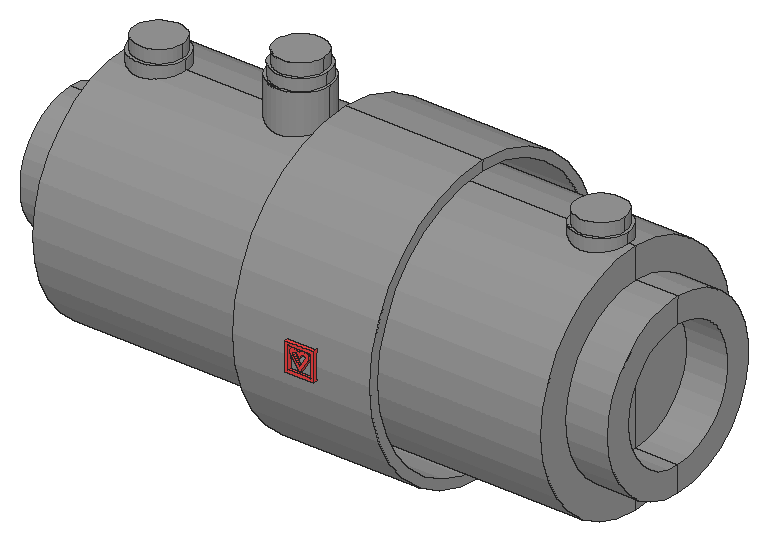
Revit family "Systemtrenner 0307 AG-IG", category Rohrzubehör, Revit 2018
Family settings
  Bemaßung runder Anschluss = Durchmesser verwenden
  Teiletyp = Unterbricht
  OmniClass-Nummer = 23.65.55.14
  OmniClass-Titel = Valves for Liquid Services
  Arbeitsebenenbasiert = Nein
  Immer vertikal = Ja
  Beim Laden mit Abzugskörper schneiden = Nein
  Gemeinsam genutzt = Nein
Parameters (values of type "AG-IG DN40-DN40")
  URL = "www.herz-armaturen.at"
  SCTWSEQ = "AW;SBT_TYP_AW=\"104\";2"
  SCTWCODE = "04;12;02"  # constant formula
  S03 = 15.000 mm  # constant formula
  S02 = 45.000 mm  # constant formula
  S01 = 98.000 mm  # constant formula
  Nennweite Ein [instance] = if(AG_IG_DN40_DN40, 40.000 mm, if(AG_IG_DN40_DN50, 40.000 mm, if(AG_IG_DN50_DN40, 50.000 mm, if(AG_IG_DN50_DN50, 50.000 mm, 0.000 mm))))  # 40.000 mm
  Nennweite Aus [instance] = if(AG_IG_DN40_DN40, 40.000 mm, if(AG_IG_DN40_DN50, 50.000 mm, if(AG_IG_DN50_DN40, 40.000 mm, if(AG_IG_DN50_DN50, 50.000 mm, 0.000 mm))))  # 40.000 mm
  Medium = "Wasser (ohne Dampf)"
  Max. Betriebstemperatur (Kurzzeitig) = 80 °C  # constant formula
  Max. Betriebstemperatur = 65 °C  # constant formula
  Max. Betriebsdruck = 1000000.0 Pa  # constant formula
  L07 = 24.500 mm  # constant formula
  L06 = 73.000 mm  # constant formula
  L05 = 28.000 mm  # constant formula
  L04 = 13.500 mm  # constant formula
  L03 = 87.500 mm  # constant formula
  L02 = 18.000 mm  # constant formula
  L01 = 193.000 mm  # constant formula
  Hinweis = "Gemäß Art 33 der REACH-Verordnung (EG Nr. 1907/2006) sind wir verpflichtet, darauf hinzuweisen, dass der Stoff Blei auf der SVHC-Liste geführt wird und dass alle aus Messing bestehenden Bauteile, die in unseren Erzeugnissen verarbeitet sind, mehr als 0,1 % (w/w) Blei (CAS: 7439-92-1 / EINECS: 231-100-4) enthalten.\r\nDa Blei als Legierungsbestandteil fest gebunden ist, sind keine Expositionen zu erwarten und daher sind keine zusätzlichen Angaben zur sicheren Verwendung notwendig."
  Hersteller = "HERZ Armaturen Ges.m.b.H."  # constant formula
  Gehäuse = "Edelstahl"  # constant formula
  Einbaulage = "waagrecht oder senkrecht nach unten zeigend"  # constant formula
  D03 [instance] = if(AG_IG_DN40_DN40, 28.000 mm, if(AG_IG_DN40_DN50, 33.000 mm, if(AG_IG_DN50_DN40, 28.000 mm, if(AG_IG_DN50_DN50, 33.000 mm, 0.000 mm))))  # 28.000 mm
  D02 = 45.000 mm  # constant formula
  D01 = 37.500 mm  # constant formula
  Bestellnummer [instance] = if(AG_IG_DN40_DN40, "I030704", if(AG_IG_DN40_DN50, "I030712", if(AG_IG_DN50_DN40, "I030716", if(AG_IG_DN50_DN50, "I030708", "0"))))  # "I030704"
  Ausführung = "Der Systemtrenner wurde nach der Norm DIN EN 1717 entwickelt.\r\nLaut dieser Norm ist die Wasserqualität je nach Grad der Verschmutzung in 5 Klassen eingeteilt.\r\nDer Systemtrenner Typ BA erlaubt eine Absicherung gegen Nichttrinkwasser bis zur Gefahrenklasse 4, der höchsten Gefahrenklasse, die mit einer Armatur abgesichert werden kann.\r\nEine niedrigere Absicherung eines Standrohres als mit einem Systemtrenner BA nach DIN EN 1717 entspricht nicht mehr dem Stand der Technik und führt damit bei einem Schadensfall zur Haftpflicht des Betreibers eines solchen Standrohres.\r\nDie Funktionseinheit ist als einteilige Kartusche mit groß bemessenem Steuerkolben und druckstoßgedämpftem Ablassventilsystem ausgebildet.\r\nGewindeanschlüsse sind untereinander austauschbar, wodurch 16 mögliche Anschlussvarianten (Eingangs- und Ausgangsseite erhältlich in 1 1/2” Innen- oder Außengewinde alternativ in 2” Innen- oder Außengewinde)."
  Anwendung = "Der Systemtrenner ist eine kostengünstige Lösung zum Nachrüsten von Standrohren mit der nach DIN EN 1717 zwingend vorgeschriebenen Sicherungsarmatur gegen Rücksaugen, Rückfließen oder Rückdrücken von Nichttrinkwasser in die Trinkwasserleitung.\r\nDer Systemtrenner ist für den waagerechten Einbau geeignet.\r\nEr kann auch senkrecht montiert werden aber nach unten zeigend.\r\nFür den Einbau in eine Steigleitung ist er nicht zulässig."
  AG_IG_DN50_DN50 = no
  AG_IG_DN50_DN40 = no
  AG_IG_DN40_DN50 = no
  AG_IG_DN40_DN40 = yes
  IG Aus [instance] = Nennweite Aus / 2  # 20.000 mm
  AG Ein [instance] = Nennweite Ein / 2  # 20.000 mm
Types (5, lengths in mm): name | Nennweite Ein | Nennweite Aus | D03 | Bestellnummer | AG_IG_DN50_DN50 | AG_IG_DN50_DN40 | AG_IG_DN40_DN50 | AG_IG_DN40_DN40 | IG Aus | AG Ein
  (no name) | 40.000 | 40.000 | 28.000 | "I030704" | no | no | no | yes | 20.000 | 20.000
  AG-IG DN40-DN50 | 40.000 | 50.000 | 33.000 | "I030712" | no | no | yes | no | 25.000 | 20.000
  AG-IG DN40-DN40 | 40.000 | 40.000 | 28.000 | "I030704" | no | no | no | yes | 20.000 | 20.000
  AG-IG DN50-DN50 | 50.000 | 50.000 | 33.000 | "I030708" | yes | no | no | no | 25.000 | 25.000
  AG-IG DN50-DN40 | 50.000 | 40.000 | 28.000 | "I030716" | no | yes | no | no | 20.000 | 25.000
Reference planes
  plane 1 "Mitte (Vorne/hinten)": y = 0
  plane 2: z = 0
  plane 3 "Mitte (Links/rechts)": x = 0
Forms (mm)
  Revolve 1, solid, material "Messing, weicher Gelbton, geschweißt", detail levels fine
    sketch origin (0, 0, 0) x (1, 0, 0) y (0, 0, 1)
      loop
        line (-96.5, 0) -> (83, 0) -> (83, 20) -> (96.5, 20) -> (96.5, 28) -> (83, 28) -> (83, 37.5) -> (-78.5, 37.5) -> (-78.5, 20) -> (-96.5, 20) -> (-96.5, 0)
      axis (-96.5, 0) -> (96.5, 0)
    angle from 0 to 360
  Revolve 2, solid, material "Acetalharz, Schwarz", detail levels fine
    sketch origin (0, 0, 0) x (1, 0, 0) y (0, 0, 1)
      loop
        line (-9, 0) -> (1.5, 0) -> (1.5, 42) -> (34.5, 42) -> (34.5, 45) -> (-9, 45) -> (-9, 0)
      axis (-9, 0) -> (34.5, 0)
    angle from 0 to 360
  Extrusion 3, solid, material "Messing, weicher Gelbton, geschweißt", detail levels fine
    sketch origin (0, 0, 0) x (1, 0, 0) y (0, 1, 0)
      loop
        circle (-68.5, 0) r 8.5
      loop
        circle (72, 0) r 8.5
    from 0 to 40.5
  Extrusion 4, solid, material "Acetalharz, Schwarz", detail levels fine
    sketch origin (0, 0, 0) x (1, 0, 0) y (0, 1, 0)
      loop
        circle (-68.5, 0) r 7.5
      loop
        circle (72, 0) r 7.5
    from 40.5 to 44.5
  Extrusion 5, solid, material "Messing, weicher Gelbton, geschweißt", detail levels fine
    sketch origin (0, 0, 0) x (1, 0, 0) y (0, 1, 0)
      loop
        circle (-23.5, 0) r 9.3
    from 0 to 49
  Extrusion 6, solid, material "Messing, weicher Gelbton, geschweißt", detail levels fine
    sketch origin (0, 0, 0) x (1, 0, 0) y (0, 1, 0)
      loop
        circle (-23.5, 0) r 8.5
    from 49 to 52.5
  Extrusion 7, solid, material "Acetalharz, Schwarz", visible <- "AG_IG_DN40_DN50", detail levels fine
    sketch origin (0, 0, 0) x (1, 0, 0) y (0, 1, 0)
      loop
        circle (-23.5, 0) r 7.5
    from 52.5 to 56.5
  Extrusion 8, solid, material "Acetalharz, Schwarz", visible <- "AG_IG_DN40_DN40", detail levels fine
    sketch origin (0, 0, 0) x (1, 0, 0) y (0, 1, 0)
      loop
        circle (-23.5, 0) r 7.5
    from 52.5 to 56.4
  Extrusion 9, solid, material "Acetalharz, Schwarz", visible <- "AG_IG_DN50_DN50", detail levels fine
    sketch origin (0, 0, 0) x (1, 0, 0) y (0, 1, 0)
      loop
        circle (-23.5, 0) r 7.5
    from 52.5 to 56.3
  Extrusion 10, solid, material "Acetalharz, Schwarz", visible <- "AG_IG_DN50_DN40", detail levels fine
    sketch origin (0, 0, 0) x (1, 0, 0) y (0, 1, 0)
      loop
        circle (-23.5, 0) r 7.5
    from 52.5 to 56.2
Lines and regions (mm)
  model lines, detail levels coarse+medium
    curve 1: line (-96.5, 0, 37.5) -> (96.5, 0, 37.5)
    curve 2: line (-96.5, 0, -37.5) -> (-96.5, 0, 37.5)
    curve 3: line (96.5, 0, -37.5) -> (-96.5, 0, -37.5)
    curve 4: line (96.5, 0, 37.5) -> (96.5, 0, -37.5)
    curve 5: line (-96.5, 0, -22.5) -> (-51.5, 0, -22.5)
    curve 6: line (-1.5, 0, -22.5) -> (96.5, 0, -22.5)
    curve 7: line (-96.5, 0, 22.5) -> (-51.5, 0, 22.5)
    curve 8: line (-1.5, 0, 22.5) -> (96.5, 0, 22.5)
    curve 9: line (-96.5, 37.5, 0) -> (96.5, 37.5, 0)
    curve 10: line (-96.5, -37.5, 0) -> (-96.5, 37.5, 0)
    curve 11: line (96.5, -37.5, 0) -> (-96.5, -37.5, 0)
    curve 12: line (96.5, 37.5, 0) -> (96.5, -37.5, 0)
    curve 13: line (-96.5, 22.5, 0) -> (-51.5, 22.5, 0)
    curve 14: line (-1.5, 22.5, 0) -> (96.5, 22.5, 0)
    curve 15: line (-96.5, -22.5, 0) -> (-51.5, -22.5, 0)
    curve 16: line (-1.5, -22.5, 0) -> (96.5, -22.5, 0)
Dimensions and locks
  "L04": Revolve 1 sketch curve to Revolve 1 sketch curve
  "L02": Revolve 1 sketch curve to Revolve 1 sketch curve
  "L01": Revolve 1 sketch curve to Revolve 1 sketch curve
  equal spacing: Revolve 1 sketch curve, plane 3 "Mitte (Links/rechts)", Revolve 1 sketch curve
  "AG Ein": Revolve 1 sketch curve to plane 2
  "D01": Revolve 1 sketch curve to plane 2
  "L03": Revolve 1 to Revolve 2 sketch curve
  equal spacing: curve 4, plane 3 "Mitte (Links/rechts)", curve 2
  "L01": curve 4 to curve 2
  "D01": curve 1 to plane 2 to curve 3
  "S03": curve 5 to curve 3
  "S03": curve 1 to curve 7
  "S03": curve 1 to curve 8
  "S03": curve 6 to curve 3
  "S02": curve 5 to curve 2
  "S02": curve 7 to curve 2
  "S01": curve 8 to curve 4
  "S01": curve 6 to curve 4
  equal spacing: curve 10, plane 3 "Mitte (Links/rechts)", curve 12
  "L01": curve 10 to curve 12
  "D01": curve 11 to plane 1 "Mitte (Vorne/hinten)" to curve 9
  "S03": curve 13 to curve 9
  "S03": curve 11 to curve 15
  "S03": curve 14 to curve 9
  "S03": curve 11 to curve 16
  "S01": curve 14 to curve 12
  "S01": curve 16 to curve 12
  "S02": curve 10 to curve 15
  "S02": curve 10 to curve 13
  "D02": Revolve 2 sketch curve to Revolve 2 sketch curve
  equal spacing: Revolve 2, nested 1, Revolve 2
  "D02": nested 1 to plane 1 "Mitte (Vorne/hinten)"
  "D03": Revolve 1 sketch curve to plane 2
  "IG Aus": Revolve 1 sketch curve to plane 2
  "L05": Revolve 1 to Extrusion 3 sketch curve
  "L05": Revolve 1 to Extrusion 4 sketch curve
  "L06": Revolve 1 to Extrusion 5 sketch curve
  "L06": Revolve 1 to Extrusion 6 sketch curve
  "L06": Revolve 1 to Extrusion 10 sketch curve
  "L06": Revolve 1 to Extrusion 9 sketch curve
  "L06": Revolve 1 to Extrusion 8 sketch curve
  "L06": Revolve 1 to Extrusion 7 sketch curve
  "L07": Extrusion 3 sketch curve to Revolve 1
  "L07": Extrusion 4 sketch curve to Revolve 1
  aligned and locked: level to plane 2
Automatic sketch dimensions
  Revolve 1 sketch curve to level = 0.000 mm  (x2)
  Revolve 1 sketch curve to Revolve 1 sketch curve = 0.000 mm
  Revolve 1 sketch curve to Revolve 1 sketch curve = 1408.530 mm
  Revolve 1 sketch curve to Revolve 1 sketch curve = 1741.148 mm
  Revolve 2 sketch curve to level = 0.000 mm  (x2)
  plane 3 "Mitte (Links/rechts)" to Revolve 2 sketch curve = 1.500 mm
  Revolve 2 sketch curve to Revolve 2 sketch curve = 33.000 mm
  Revolve 2 sketch curve to Revolve 2 sketch curve = 3.000 mm
  Revolve 2 sketch curve to Revolve 2 sketch curve = 1496.030 mm
  Revolve 2 sketch curve to Revolve 2 sketch curve = 1804.648 mm
  plane 1 "Mitte (Vorne/hinten)" to Extrusion 3 sketch curve = 0.000 mm  (x2)
  plane 1 "Mitte (Vorne/hinten)" to Extrusion 4 sketch curve = 0.000 mm  (x2)
  plane 1 "Mitte (Vorne/hinten)" to Extrusion 5 sketch curve = 0.000 mm
  plane 1 "Mitte (Vorne/hinten)" to Extrusion 6 sketch curve = 0.000 mm
  plane 1 "Mitte (Vorne/hinten)" to Extrusion 7 sketch curve = 0.000 mm
  plane 1 "Mitte (Vorne/hinten)" to Extrusion 8 sketch curve = 0.000 mm
  plane 1 "Mitte (Vorne/hinten)" to Extrusion 9 sketch curve = 0.000 mm
  plane 1 "Mitte (Vorne/hinten)" to Extrusion 10 sketch curve = 0.000 mm
  radius of Extrusion 3 sketch curve = 8.500 mm  (x2)
  radius of Extrusion 4 sketch curve = 7.500 mm  (x2)
  radius of Extrusion 5 sketch curve = 9.300 mm
  radius of Extrusion 6 sketch curve = 8.500 mm
  radius of Extrusion 7 sketch curve = 7.500 mm
  radius of Extrusion 8 sketch curve = 7.500 mm
  radius of Extrusion 9 sketch curve = 7.500 mm
  radius of Extrusion 10 sketch curve = 7.500 mm
Nested families
  nested 1: "Herz-Logo-vorne" at (12.75, -45, 0) x (0, 1, 0) z (0, 0, 1), type "Herz-Logo-vorne", detail levels fine
Connectors
  piping at (-96.5, 0, 0), diameter 40, driven by "Nennweite Ein"
    settings: on Revolve 1, index 2, connector inside diameter 609.6 mm, connector length 0.000 mm, flow factor 0, pipe flow 0.0 L/s, pressure drop 0.0 Pa, fitting loss kfactor 0, connector angle 0.00°, fixture units 0, engagement length 0.000 mm, angle of deflection 0.00°, flow configuration 0, flow direction 1, fitting loss method 0, system type 29, joint type 0, gender type 0, connector reference index -1, connector utility 0, adjustable connector no, is connector primary yes, connector description ""
  piping at (83, 0, 0), diameter 40, driven by "Nennweite Aus"
    settings: on Revolve 1, index 3, connector inside diameter 609.6 mm, connector length 0.000 mm, flow factor 0, pipe flow 0.0 L/s, pressure drop 0.0 Pa, fitting loss kfactor 0, connector angle 0.00°, fixture units 0, engagement length 0.000 mm, angle of deflection 0.00°, flow configuration 0, flow direction 2, fitting loss method 0, system type 29, joint type 0, gender type 0, connector reference index -1, connector utility 0, adjustable connector no, is connector primary no, connector description ""
Definition of nested family "Herz-Logo-vorne"
  Reference planes
    plane 1 "Mitte (Vorne/hinten)": y = 0
    plane 2: z = 0
    plane 3 "Mitte (Links/rechts)": x = 0
  Forms (mm)
    Extrusion 1, solid
      sketch origin (0.732, -0.018, 0.017) x (0, -1, 0) y (0, 0, 1)
        loop
          line (-0.018, -4.517) -> (4.482, -4.517) -> (4.482, 4.483) -> (-4.518, 4.483) -> (-4.518, -4.517) -> (-0.018, -4.517)
        loop
          line (-0.05, -3.48) -> (3.482, -3.48) -> (3.482, 3.483) -> (-3.518, 3.483) -> (-3.518, -3.48) -> (-0.05, -3.48)
        loop
          arc (-0.018, 2.383) -> (-1.543, 3.287) -> (-3.067, 2.383) r 1.738
          arc (-3.067, 2.383) -> (-3.191, 1.899) -> (-3.067, 1.415) r 1.009
          line (-3.067, 1.415) -> (-0.018, -3.281) -> (3.032, 1.415)
          arc (3.032, 1.415) -> (3.156, 1.899) -> (3.032, 2.383) r 1.009
          arc (3.032, 2.383) -> (1.507, 3.287) -> (-0.018, 2.383) r 1.738
        loop
          arc (1.885, 1.272) -> (2.005, 1.675) -> (1.885, 2.079) r 0.74
          arc (1.885, 2.079) -> (1.265, 2.416) -> (0.644, 2.079) r 0.74
          line (0.644, 2.079) -> (-0.018, 0.97) -> (-0.679, 2.079)
          arc (-0.679, 2.079) -> (-1.3, 2.416) -> (-1.921, 2.079) r 0.74
          arc (-1.921, 2.079) -> (-2.04, 1.675) -> (-1.921, 1.272) r 0.74
          line (-1.921, 1.272) -> (-0.018, -1.658) -> (1.885, 1.272)
      from 0 to 1.5
  Dimensions and locks
    aligned and locked: level to plane 2
